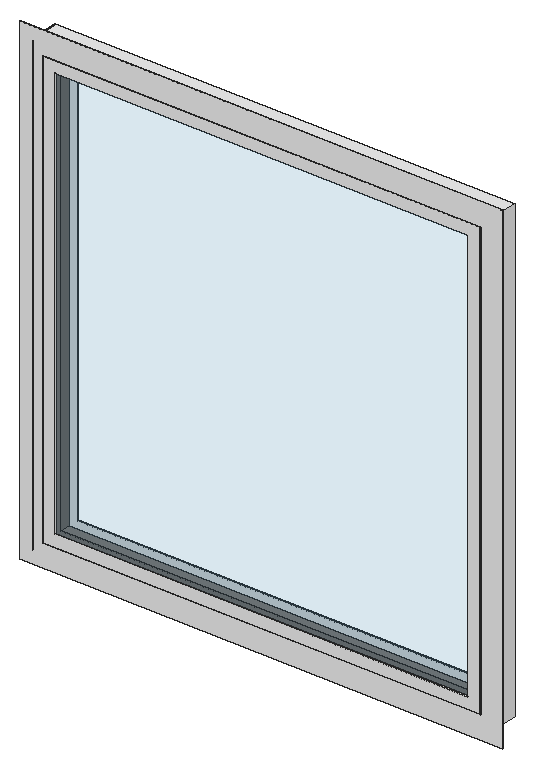
Revit family "Casement_38_E_Side_Hung_Standard", category Windows, host Wall, Revit 2014
Parameters (values of type "Casement_Sash_DG")
  Width Sash [instance] = 30 mm
  Width Sash Inner = 15 mm
  Width Bead = 15 mm
  Top Hung [instance] = yes
  Side Hung Right [instance] = yes
  Side Hung Left [instance] = yes
  Sash Opening Width [instance] = 600 mm
  Sash Opening Height [instance] = 600.312 mm
  Sash Lip = 15 mm
  Glazing Material [instance] = Glass
  DG Start Piece 2 [instance] = DG End Piece 1 + DG Gasket Thickness  # 25 mm
  DG Start Peice 1 [instance] = (Depth Sash - (2 * DG Glazing Thickness) - DG Gasket Thickness) / 2  # 6.6 mm
  Glazing Offset = 5 mm
  DG Glazing Thickness [instance] = 6.4 mm
  DG Gasket Thickness = 12 mm  # constant formula
  DG Gasket Material [instance] = Double Glazing Gasket Material
  DG End Piece 2 [instance] = DG Start Piece 2 + DG Glazing Thickness  # 31.4 mm
  DG End Piece 1 [instance] = DG Start Peice 1 + DG Glazing Thickness  # 13 mm
  Depth Sash [instance] = 38 mm
  Center Vertical Sash [instance] = Sash Opening Height / 2  # 300.156 mm
  Center Horizontal Sash [instance] = Sash Opening Width / 2  # 300 mm
  Bottom Hung [instance] = yes
  Bead Offset = 15 mm
  Aluminium Thickness = 1 mm
  Aluminium Material [instance] = White Powder Coated Aluminium
Reference planes
  plane 1 "Center (Front/Back)": y = 0
  plane 2: z = 0
  plane 3 "Center (Left/Right)": x = 0
Forms (mm)
  Sweep 1, solid, material "White Powder Coated Aluminium" <- "Aluminium Material"
    path origin (16.177, 0, 121.331) x (1, 0, 0) y (0, 0, 1)
      loop
        line (0, 0) -> (600, 0) -> (600, 600.312) -> (0, 600.312) -> (0, 0)
    profile origin (316.177, 0, 121.331) x (0, 0, 1) y (0, -1, 0)
      loop
        line (0, 0) -> (30, 0) -> (30, 1) -> (15, 1) -> (15, 38) -> (-15, 38) -> (-15, 37) -> (0, 37) -> (0, 0)
      loop
        line (14, 1) -> (14, 37) -> (1, 37) -> (1, 1) -> (14, 1)
  Sweep 2, solid, material "White Powder Coated Aluminium" <- "Aluminium Material"
    path origin (0, 0, 0) x (1, 0, 0) y (0, 0, 1)
      loop
        line (31.177, 706.643) -> (31.177, 136.331) -> (601.177, 136.331) -> (601.177, 706.643) -> (31.177, 706.643)
    profile origin (316.177, 0, 706.643) x (0, 0, 1) y (0, -1, 0)
      loop
        line (0, 37) -> (0, 38) -> (-15, 38) -> (-15, 37) -> (0, 37)
  Extrusion 3, solid, material "Glass" <- "Glazing Material"
    sketch origin (0, 0, 0) x (1, 0, 0) y (0, 0, 1)
      loop
        line (36.177, 701.643) -> (36.177, 141.331) -> (596.177, 141.331) -> (596.177, 701.643) -> (36.177, 701.643)
    from 6.6 <- "DG Start Peice 1" to 13 <- "DG End Piece 1"
  Extrusion 4, solid, material "Glass" <- "Glazing Material"
    sketch origin (0, 0, 0) x (1, 0, 0) y (0, 0, 1)
      loop
        line (36.177, 701.643) -> (36.177, 141.331) -> (596.177, 141.331) -> (596.177, 701.643) -> (36.177, 701.643)
    from 31.4 <- "DG End Piece 2" to 25 <- "DG Start Piece 2"
  Sweep 5, solid, material "Double Glazing Gasket Material" <- "DG Gasket Material"
    path origin (0, -13, 0) x (1, 0, 0) y (0, 0, 1)
      loop
        line (36.177, 701.643) -> (36.177, 141.331) -> (596.177, 141.331) -> (596.177, 701.643) -> (36.177, 701.643)
    profile origin (316.177, -13, 701.643) x (0, 0, 1) y (0, -1, 0)
      loop
        line (0, 0) -> (0, 12) -> (-7.96, 12) -> (-7.96, 0) -> (0, 0)
Lines and regions (mm)
  model lines
    curve 1: line (1.177, -38, 736.643) -> (31.177, -38, 706.643)
    curve 2: line (601.177, -38, 706.643) -> (631.177, -38, 736.643)
    curve 3: line (601.177, -38, 136.331) -> (631.177, -38, 106.331)
    curve 4: line (1.177, -38, 106.331) -> (31.177, -38, 136.331)
    curve 5: line (631.177, -37, 736.643) -> (616.177, -37, 721.643)
    curve 6: line (1.177, -37, 736.643) -> (16.177, -37, 721.643)
    curve 7: line (1.177, -37, 106.331) -> (16.177, -37, 121.331)
    curve 8: line (631.177, -37, 106.331) -> (616.177, -37, 121.331)
    curve 9: line (616.177, 0, 121.331) -> (586.177, 0, 151.331)
    curve 10: line (46.177, 0, 151.331) -> (16.177, 0, 121.331)
    curve 11: line (616.177, 0, 721.643) -> (586.177, 0, 691.643)
    curve 12: line (46.177, 0, 691.643) -> (16.177, 0, 721.643)
    curve 13: line (31.177, -38, 691.643) -> (46.177, -38, 691.643)
    curve 14: line (586.177, -38, 691.643) -> (601.177, -38, 691.643)
    curve 15: line (586.177, -38, 151.331) -> (601.177, -38, 151.331)
    curve 16: line (31.177, -38, 151.331) -> (46.177, -38, 151.331)
  model lines, style "GenericModelHiddenLines", visible <- "Top Hung"
    curve 17: line (46.386, -31.4, 690.914) -> (316.177, -31.4, 151.331)
    curve 18: line (316.177, -31.4, 151.331) -> (586.177, -31.4, 691.331)
  model lines, style "GenericModelHiddenLines", visible <- "Bottom Hung"
    curve 19: line (46.177, -31.4, 151.331) -> (316.177, -31.4, 691.331)
    curve 20: line (316.177, -31.4, 691.331) -> (586.177, -31.4, 151.331)
  model lines, style "GenericModelHiddenLines", visible <- "Side Hung Left"
    curve 21: line (46.386, -31.4, 690.914) -> (585.24, -31.4, 421.487)
    curve 22: line (585.24, -31.4, 421.487) -> (46.177, -31.4, 151.331)
  model lines, style "GenericModelHiddenLines", visible <- "Side Hung Right"
    curve 23: line (586.177, -31.4, 691.331) -> (46.177, -31.4, 421.487)
    curve 24: line (46.177, -31.4, 421.487) -> (586.177, -31.4, 151.331)
Dimensions and locks
  "Aluminium Thickness": Sweep 1 sketch curve to Sweep 1 sketch curve  (x4)
  "Depth Sash": Sweep 1 sketch curve to Sweep 1 sketch curve
  "Sash Opening Width": Sweep 1 to Sweep 1
  "Sash Opening Height": Sweep 1 to Sweep 1
  "Width Sash": Sweep 1 sketch curve to Sweep 1 sketch curve  (x2)
  "Width Sash Inner": Sweep 1 sketch curve to Sweep 1 sketch curve
  "Sash Lip": Sweep 1 sketch curve to Sweep 1 sketch curve
  "Aluminium Thickness": Sweep 1 to Sweep 2 sketch curve
  "Glazing Offset": Sweep 2 to Extrusion 3 sketch curve  (x3)
  "Glazing Offset": Extrusion 3 sketch curve to Sweep 2
  Sweep 1 to Sweep 1 = 1 mm
  "Aluminium Thickness": Sweep 2 sketch curve to Sweep 2 sketch curve
  "Width Bead": Sweep 2 sketch curve to Sweep 2 sketch curve
  locked: Sweep 5 sketch curve to Sweep 5 sketch curve at 7.96
  "Center Horizontal Sash": Sweep 1 to curve 18
  "Center Horizontal Sash": Sweep 1 to curve 20
  "Center Vertical Sash": Sweep 1 to curve 22
  "Center Vertical Sash": Sweep 1 to curve 24
  aligned and locked: level to plane 2
  aligned and locked: Sweep 1 sketch curve to Sweep 1 sketch curve  (x2)
  aligned and locked: Sweep 2 sketch curve to Sweep 1  (x5)
  aligned and locked: Extrusion 4 sketch curve to Extrusion 3  (x4)
  aligned and locked: Sweep 5 sketch curve to Extrusion 3  (x5)
  aligned and locked: Extrusion 3 to Sweep 5 sketch curve
Automatic sketch dimensions
  plane 3 "Center (Left/Right)" to Sweep 1 sketch curve = 16.177 mm
  level to Sweep 1 sketch curve = 121.331 mm
  plane 3 "Center (Left/Right)" to Sweep 1 sketch curve = 616.177 mm
  level to Sweep 1 sketch curve = 721.643 mm
  profile plane to Sweep 5 sketch curve = 12 mm
  curve 7 to Sweep 1 = 0 mm  (x4)
  curve 6 to Sweep 1 = 0 mm  (x3)
  Sweep 1 to curve 6 = 0 mm
  curve 5 to Sweep 1 = 0 mm  (x3)
  curve 8 to Sweep 1 = 0 mm  (x4)
  Sweep 1 to curve 5 = 0 mm
  curve 16 to Sweep 2 = 0 mm  (x3)
  curve 13 to Sweep 2 = 0 mm  (x3)
  curve 15 to Sweep 2 = 0 mm
  Sweep 2 to curve 15 = 0 mm  (x2)
  curve 14 to Sweep 2 = 0 mm  (x2)
  Sweep 2 to curve 14 = 0 mm
  curve 1 to Sweep 1 = 0 mm  (x4)
  curve 4 to Sweep 1 = 0 mm  (x3)
  Sweep 1 to curve 4 = 0 mm
  curve 3 to Sweep 1 = 0 mm  (x3)
  curve 2 to Sweep 1 = 0 mm  (x4)
  Sweep 1 to curve 3 = 0 mm
  curve 10 to Sweep 1 = 0 mm  (x4)
  curve 12 to Sweep 1 = 0 mm  (x3)
  Sweep 1 to curve 12 = 0 mm
  curve 9 to Sweep 1 = 0 mm  (x4)
  curve 11 to Sweep 1 = 0 mm  (x3)
  Sweep 1 to curve 11 = 0 mm
  Sweep 1 sketch curve to plane 1 "Center (Front/Back)" = 0 mm
  profile plane to Sweep 1 sketch curve = 0 mm
  curve 21 to Extrusion 4 = 10.208 mm
  curve 19 to Extrusion 4 = 10 mm
  curve 23 to Extrusion 4 = 10 mm  (x2)
  curve 22 to Extrusion 4 = 10.937 mm
  curve 20 to Extrusion 4 = 10 mm
  curve 24 to Extrusion 4 = 10 mm
  curve 22 to Extrusion 4 = 10 mm
  curve 18 to Extrusion 4 = 10 mm
  curve 21 to Extrusion 4 = 10.729 mm
  curve 19 to Extrusion 4 = 10.312 mm
  curve 18 to Extrusion 4 = 10.312 mm
Types in the file's own list only (18): name | Windload Design | Width Sash Opening | Width Sash | Width Profile | Width Fixed Pane RHS | Width Fixed Pane Bottom LHS | Width Panel 1 | Width | URL | Offset Window Exterior | Max System DG Unit Thickness | Max System DG One Piece Thickness | Max Pane Area | Limit Fixed Pane Width Min | Limit Fixed Pane Width Max | Limit Fixed Pane Height Min | Limit Fixed Pane Height Max | Intruderprufe U Value | Intruderprufe SHGC Value | Intruderprufe LowE U Value | Intruderprufe LowE SHGC Value | Intruderprufe Insulated U Value | Intruderprufe Insulated SHGC Value | Intruderprufe Insulated LowE U Value | Intruderprufe Insulated LowE SHGC Value | Height | Energy Advantage U Value | Energy Advantage SHGC Value | DG Thickness Calc | Custom Window Width | Custom Window Height | Window Exterior Offset | Custom Windload | Custom Sash Width | Custom Sash Height | Sash Spacing Inner | Sash Overlap | Sash Center Offset | SG Gasket Thickness | Offset Sash Left | Offset Sash Top | Offset Panel 4 Left | Offset Panel 3 Bead Top | Offset Mullion Left | Offset Transom Top | Offset Bead SG Center Reversed | Model | Manufacturer | Limit Window Width Min | Limit Window Width Max | Limit Window Height Min | Limit Window Height Max | Limit Sash Width Min | Limit Sash Width Max | Limit Sash Height Min | Limit Sash Height Max | Length Transom | Length Mullion | Height Sash Opening | Height Sash | Height Fixed Pane RHS | Height Fixed Pane Bottom LHS | Height Panel 1 | Description | Depth Mullion | Frame Center Offset | Depth Bead | Default Sill Height | Wall Closure | DG Gasket Finish | DG Extrusion Start | Mullion Depth Windload Based | Clearvue U Value | Clearvue SHGC Value | Clearvue Insulated U Value | Clearvue Insulated SHGC Value | Clearvue Insulated LowE U Value | Clearvue Insulated LowE SHGC Value | Casement Dimension | Bead SG Gap | Area Pane Right | Area Pane Left Top | Area Pane Left Bottom
  38-0915S-1000Pa | 1000 mm | 554 mm | 524 mm | 30 mm | 260 mm | 540 mm | 540 mm | 890 mm | "http://www.crealco.co.za/crealco-products.php" | 19 mm | 25 mm | 6 mm | 0.52 m² | 200 mm | 1500 mm | 200 mm | 1800 mm | 6.75 | 0.628 | 4.98 | 0.53 | 4.32 | 0.519 | 3.82 | 0.474 | 1490 mm | 5.11 | 0.576 | 4 mm | 890 mm | 1490 mm | 0 mm | 1000 mm | 554 mm | 1154 mm | 8 mm | 7 mm | 16 mm | 6 mm | 23 mm | 23 mm | 600 mm | 1200 mm | 570 mm | 1170 mm | 19 mm | "Casement 38" | "Crealco" | 830 mm | 2130 mm | 1430 mm | 1860 mm | 300 mm | 700 mm | 300 mm | 1500 mm | 540 mm | 1490 mm | 1154 mm | 1124 mm | 1430 mm | 260 mm | 1139 mm | "Window 38mm, Type E side hung" | 39 mm | 19 mm | 24 mm | 800 mm | By host | Double Glazing Gasket Material | 9 mm | 39 mm | 6.69 | 0.641 | 4.43 | 0.56 | 3.91 | 0.51 | 38 mm | 13 mm | 0.36 m² | 0.52 m² | 0.13 m²
  38-0915S-1500Pa | 1500 mm | 554 mm | 524 mm | 30 mm | 260 mm | 540 mm | 540 mm | 890 mm | "http://www.crealco.co.za/crealco-products.php" | 19 mm | 25 mm | 6 mm | 0.52 m² | 200 mm | 1500 mm | 200 mm | 1800 mm | 6.59 | 0.61 | 5.07 | 0.541 | 4.39 | 0.522 | 3.89 | 0.476 | 1490 mm | 5.2 | 0.574 | 4 mm | 890 mm | 1490 mm | 0 mm | 1500 mm | 554 mm | 1154 mm | 8 mm | 7 mm | 16 mm | 6 mm | 23 mm | 23 mm | 600 mm | 1200 mm | 570 mm | 1170 mm | 19 mm | "Casement 38" | "Crealco" | 830 mm | 2130 mm | 1430 mm | 1860 mm | 300 mm | 700 mm | 300 mm | 1500 mm | 540 mm | 1490 mm | 1154 mm | 1124 mm | 1430 mm | 260 mm | 1139 mm | "Window 38mm, Type E side hung" | 54 mm | 19 mm | 24 mm | 800 mm | By host | Double Glazing Gasket Material | 9 mm | 54 mm | 6.69 | 0.64 | 45 | 0.561 | 3.98 | 0.511 | 38 mm | 13 mm | 0.36 m² | 0.52 m² | 0.13 m²
  38-0915S-2000Pa | 2000 mm | 554 mm | 524 mm | 30 mm | 260 mm | 540 mm | 540 mm | 890 mm | "http://www.crealco.co.za/crealco-products.php" | 19 mm | 25 mm | 6 mm | 0.52 m² | 200 mm | 1500 mm | 200 mm | 1800 mm | 6.59 | 0.61 | 5.07 | 0.541 | 4.39 | 0.522 | 3.89 | 0.476 | 1490 mm | 5.2 | 0.574 | 4 mm | 890 mm | 1490 mm | 0 mm | 2000 mm | 554 mm | 1154 mm | 8 mm | 7 mm | 16 mm | 6 mm | 23 mm | 23 mm | 600 mm | 1200 mm | 570 mm | 1170 mm | 19 mm | "Casement 38" | "Crealco" | 830 mm | 2130 mm | 1430 mm | 1860 mm | 300 mm | 700 mm | 300 mm | 1500 mm | 540 mm | 1490 mm | 1154 mm | 1124 mm | 1430 mm | 260 mm | 1139 mm | "Window 38mm, Type E side hung" | 54 mm | 19 mm | 24 mm | 800 mm | By host | Double Glazing Gasket Material | 9 mm | 54 mm | 6.69 | 0.64 | 45 | 0.561 | 3.98 | 0.511 | 38 mm | 13 mm | 0.36 m² | 0.52 m² | 0.13 m²
  38-1215S-1000Pa | 1000 mm | 554 mm | 524 mm | 30 mm | 560 mm | 540 mm | 540 mm | 1190 mm | "http://www.crealco.co.za/crealco-products.php" | 19 mm | 25 mm | 6 mm | 0.78 m² | 200 mm | 1500 mm | 200 mm | 1800 mm | 6.73 | 0.698 | 4.94 | 0.604 | 4.18 | 0.585 | 3.59 | 0.532 | 1490 mm | 5.06 | 0.647 | 4 mm | 1190 mm | 1490 mm | 0 mm | 1000 mm | 554 mm | 1154 mm | 8 mm | 7 mm | 16 mm | 6 mm | 23 mm | 23 mm | 600 mm | 1200 mm | 570 mm | 1170 mm | 19 mm | "Casement 38" | "Crealco" | 830 mm | 2130 mm | 1430 mm | 1860 mm | 300 mm | 700 mm | 300 mm | 1500 mm | 540 mm | 1490 mm | 1154 mm | 1124 mm | 1430 mm | 260 mm | 1139 mm | "Window 38mm, Type E side hung" | 39 mm | 19 mm | 24 mm | 800 mm | By host | Double Glazing Gasket Material | 9 mm | 39 mm | 6.86 | 0.722 | 4.28 | 0.632 | 3.67 | 0.575 | 38 mm | 13 mm | 0.78 m² | 0.52 m² | 0.13 m²
  38-1215S-1500Pa | 1500 mm | 554 mm | 524 mm | 30 mm | 560 mm | 540 mm | 540 mm | 1190 mm | "http://www.crealco.co.za/crealco-products.php" | 19 mm | 25 mm | 6 mm | 0.78 m² | 200 mm | 1500 mm | 200 mm | 1800 mm | 6.75 | 0.685 | 5.01 | 0.606 | 4.23 | 0.587 | 3.65 | 0.534 | 1490 mm | 5.13 | 0.645 | 4 mm | 1190 mm | 1490 mm | 0 mm | 1500 mm | 554 mm | 1154 mm | 8 mm | 7 mm | 16 mm | 6 mm | 23 mm | 23 mm | 600 mm | 1200 mm | 570 mm | 1170 mm | 19 mm | "Casement 38" | "Crealco" | 830 mm | 2130 mm | 1430 mm | 1860 mm | 300 mm | 700 mm | 300 mm | 1500 mm | 540 mm | 1490 mm | 1154 mm | 1124 mm | 1430 mm | 260 mm | 1139 mm | "Window 38mm, Type E side hung" | 54 mm | 19 mm | 24 mm | 800 mm | By host | Double Glazing Gasket Material | 9 mm | 54 mm | 6.85 | 0.721 | 4.34 | 0.632 | 3.75 | 0.575 | 38 mm | 13 mm | 0.78 m² | 0.52 m² | 0.13 m²
  38-1215S-2000Pa | 2000 mm | 554 mm | 524 mm | 30 mm | 560 mm | 540 mm | 540 mm | 1190 mm | "http://www.crealco.co.za/crealco-products.php" | 19 mm | 25 mm | 6 mm | 0.78 m² | 200 mm | 1500 mm | 200 mm | 1800 mm | 6.75 | 0.685 | 5.01 | 0.606 | 4.23 | 0.587 | 3.65 | 0.534 | 1490 mm | 5.13 | 0.645 | 4 mm | 1190 mm | 1490 mm | 0 mm | 2000 mm | 554 mm | 1154 mm | 8 mm | 7 mm | 16 mm | 6 mm | 23 mm | 23 mm | 600 mm | 1200 mm | 570 mm | 1170 mm | 19 mm | "Casement 38" | "Crealco" | 830 mm | 2130 mm | 1430 mm | 1860 mm | 300 mm | 700 mm | 300 mm | 1500 mm | 540 mm | 1490 mm | 1154 mm | 1124 mm | 1430 mm | 260 mm | 1139 mm | "Window 38mm, Type E side hung" | 54 mm | 19 mm | 24 mm | 800 mm | By host | Double Glazing Gasket Material | 9 mm | 54 mm | 6.85 | 0.721 | 4.34 | 0.632 | 3.75 | 0.575 | 38 mm | 13 mm | 0.78 m² | 0.52 m² | 0.13 m²
  38-1515S-1000Pa | 1000 mm | 554 mm | 524 mm | 30 mm | 860 mm | 540 mm | 540 mm | 1490 mm | "http://www.crealco.co.za/crealco-products.php" | 19 mm | 25 mm | 6 mm | 1.21 m² | 200 mm | 1500 mm | 200 mm | 1800 mm | 6.83 | 0.743 | 4.91 | 0.646 | 4.09 | 0.626 | 3.44 | 0.569 | 1490 mm | 5.03 | 0.692 | 4 mm | 1490 mm | 1490 mm | 0 mm | 1000 mm | 554 mm | 1154 mm | 8 mm | 7 mm | 16 mm | 6 mm | 23 mm | 23 mm | 600 mm | 1200 mm | 570 mm | 1170 mm | 19 mm | "Casement 38" | "Crealco" | 830 mm | 2130 mm | 1430 mm | 1860 mm | 300 mm | 700 mm | 300 mm | 1500 mm | 540 mm | 1490 mm | 1154 mm | 1124 mm | 1430 mm | 260 mm | 1139 mm | "Window 38mm, Type E side hung" | 39 mm | 19 mm | 24 mm | 800 mm | By host | Double Glazing Gasket Material | 9 mm | 39 mm | 6.96 | 0.772 | 4.19 | 0.677 | 3.51 | 0.616 | 38 mm | 13 mm | 1.21 m² | 0.52 m² | 0.13 m²
  38-1515S-1500Pa | 1500 mm | 554 mm | 524 mm | 30 mm | 860 mm | 540 mm | 540 mm | 1490 mm | "http://www.crealco.co.za/crealco-products.php" | 19 mm | 25 mm | 6 mm | 1.21 m² | 200 mm | 1500 mm | 200 mm | 1800 mm | 6.84 | 0.732 | 4.97 | 0.647 | 4.13 | 0.629 | 3.49 | 0.57 | 1490 mm | 5.09 | 0.691 | 4 mm | 1490 mm | 1490 mm | 0 mm | 1500 mm | 554 mm | 1154 mm | 8 mm | 7 mm | 16 mm | 6 mm | 23 mm | 23 mm | 600 mm | 1200 mm | 570 mm | 1170 mm | 19 mm | "Casement 38" | "Crealco" | 830 mm | 2130 mm | 1430 mm | 1860 mm | 300 mm | 700 mm | 300 mm | 1500 mm | 540 mm | 1490 mm | 1154 mm | 1124 mm | 1430 mm | 260 mm | 1139 mm | "Window 38mm, Type E side hung" | 54 mm | 19 mm | 24 mm | 800 mm | By host | Double Glazing Gasket Material | 9 mm | 54 mm | 6.69 | 0.772 | 4.23 | 0.677 | 3.56 | 0.616 | 38 mm | 13 mm | 1.21 m² | 0.52 m² | 0.13 m²
  38-1515S-2000Pa | 2000 mm | 554 mm | 524 mm | 30 mm | 860 mm | 540 mm | 540 mm | 1490 mm | "http://www.crealco.co.za/crealco-products.php" | 19 mm | 25 mm | 6 mm | 1.21 m² | 200 mm | 1500 mm | 200 mm | 1800 mm | 6.84 | 0.732 | 4.97 | 0.647 | 4.13 | 0.629 | 3.49 | 0.57 | 1490 mm | 5.09 | 0.691 | 4 mm | 1490 mm | 1490 mm | 0 mm | 2000 mm | 554 mm | 1154 mm | 8 mm | 7 mm | 16 mm | 6 mm | 23 mm | 23 mm | 600 mm | 1200 mm | 570 mm | 1170 mm | 19 mm | "Casement 38" | "Crealco" | 830 mm | 2130 mm | 1430 mm | 1860 mm | 300 mm | 700 mm | 300 mm | 1500 mm | 540 mm | 1490 mm | 1154 mm | 1124 mm | 1430 mm | 260 mm | 1139 mm | "Window 38mm, Type E side hung" | 54 mm | 19 mm | 24 mm | 800 mm | By host | Double Glazing Gasket Material | 9 mm | 54 mm | 6.69 | 0.772 | 4.23 | 0.677 | 3.56 | 0.616 | 38 mm | 13 mm | 1.21 m² | 0.52 m² | 0.13 m²
  38-0918S-1000Pa | 1000 mm | 554 mm | 524 mm | 30 mm | 260 mm | 540 mm | 540 mm | 890 mm | "http://www.crealco.co.za/crealco-products.php" | 19 mm | 25 mm | 6 mm | 0.52 m² | 200 mm | 1500 mm | 200 mm | 1800 mm | 6.9 | 0.655 | 5.25 | 0.581 | 4.52 | 0.562 | 3.98 | 0.512 | 1790 mm | 5.38 | 0.617 | 4 mm | 890 mm | 1790 mm | 0 mm | 1000 mm | 554 mm | 1154 mm | 8 mm | 7 mm | 16 mm | 6 mm | 23 mm | 23 mm | 600 mm | 1200 mm | 570 mm | 1170 mm | 19 mm | "Casement 38" | "Crealco" | 830 mm | 2130 mm | 1430 mm | 1860 mm | 300 mm | 700 mm | 300 mm | 1500 mm | 540 mm | 1790 mm | 1154 mm | 1124 mm | 1730 mm | 560 mm | 1139 mm | "Window 38mm, Type E side hung" | 54 mm | 19 mm | 24 mm | 800 mm | By host | Double Glazing Gasket Material | 9 mm | 54 mm | 7 | 0.688 | 4.64 | 0.604 | 4.07 | 0.55 | 38 mm | 13 mm | 0.43 m² | 0.52 m² | 0.29 m²
  38-0918S-1500Pa | 1500 mm | 554 mm | 524 mm | 30 mm | 260 mm | 540 mm | 540 mm | 890 mm | "http://www.crealco.co.za/crealco-products.php" | 19 mm | 25 mm | 6 mm | 0.52 m² | 200 mm | 1500 mm | 200 mm | 1800 mm | 6.9 | 0.655 | 5.25 | 0.581 | 4.52 | 0.562 | 3.98 | 0.512 | 1790 mm | 5.38 | 0.617 | 4 mm | 890 mm | 1790 mm | 0 mm | 1500 mm | 554 mm | 1154 mm | 8 mm | 7 mm | 16 mm | 6 mm | 23 mm | 23 mm | 600 mm | 1200 mm | 570 mm | 1170 mm | 19 mm | "Casement 38" | "Crealco" | 830 mm | 2130 mm | 1430 mm | 1860 mm | 300 mm | 700 mm | 300 mm | 1500 mm | 540 mm | 1790 mm | 1154 mm | 1124 mm | 1730 mm | 560 mm | 1139 mm | "Window 38mm, Type E side hung" | 54 mm | 19 mm | 24 mm | 800 mm | By host | Double Glazing Gasket Material | 9 mm | 54 mm | 7 | 0.688 | 4.64 | 0.604 | 4.07 | 0.55 | 38 mm | 13 mm | 0.43 m² | 0.52 m² | 0.29 m²
  38-0918S-2000Pa | 2000 mm | 554 mm | 524 mm | 30 mm | 260 mm | 540 mm | 540 mm | 890 mm | "http://www.crealco.co.za/crealco-products.php" | 19 mm | 25 mm | 6 mm | 0.52 m² | 200 mm | 1500 mm | 200 mm | 1800 mm | 6.92 | 0.64 | 5.41 | 0.581 | 4.64 | 0.562 | 4.1 | 0.513 | 1790 mm | 5.54 | 0.619 | 4 mm | 890 mm | 1790 mm | 0 mm | 2000 mm | 554 mm | 1154 mm | 8 mm | 7 mm | 16 mm | 6 mm | 23 mm | 23 mm | 600 mm | 1200 mm | 570 mm | 1170 mm | 19 mm | "Casement 38" | "Crealco" | 830 mm | 2130 mm | 1430 mm | 1860 mm | 300 mm | 700 mm | 300 mm | 1500 mm | 540 mm | 1790 mm | 1154 mm | 1124 mm | 1730 mm | 560 mm | 1139 mm | "Window 38mm, Type E side hung" | 70 mm | 19 mm | 24 mm | 800 mm | By host | Double Glazing Gasket Material | 9 mm | 70 mm | 6.9 | 0.688 | 4.76 | 0.606 | 4.2 | 0.552 | 38 mm | 13 mm | 0.43 m² | 0.52 m² | 0.29 m²
  38-1218S-1000Pa | 1000 mm | 554 mm | 524 mm | 30 mm | 560 mm | 540 mm | 540 mm | 1190 mm | "http://www.crealco.co.za/crealco-products.php" | 19 mm | 25 mm | 6 mm | 0.95 m² | 200 mm | 1500 mm | 200 mm | 1800 mm | 7.27 | 0.754 | 5.34 | 0.667 | 4.49 | 0.647 | 3.84 | 0.588 | 1790 mm | 5.47 | 0.711 | 4 mm | 1190 mm | 1790 mm | 0 mm | 1000 mm | 554 mm | 1154 mm | 8 mm | 7 mm | 16 mm | 6 mm | 23 mm | 23 mm | 600 mm | 1200 mm | 570 mm | 1170 mm | 19 mm | "Casement 38" | "Crealco" | 830 mm | 2130 mm | 1430 mm | 1860 mm | 300 mm | 700 mm | 300 mm | 1500 mm | 540 mm | 1790 mm | 1154 mm | 1124 mm | 1730 mm | 560 mm | 1139 mm | "Window 38mm, Type E side hung" | 54 mm | 19 mm | 24 mm | 800 mm | By host | Double Glazing Gasket Material | 9 mm | 54 mm | 7.39 | 0.795 | 4.6 | 0.697 | 3.92 | 0.634 | 38 mm | 13 mm | 0.95 m² | 0.52 m² | 0.29 m²
  38-1218S-1500Pa | 1500 mm | 554 mm | 524 mm | 30 mm | 560 mm | 540 mm | 540 mm | 1190 mm | "http://www.crealco.co.za/crealco-products.php" | 19 mm | 25 mm | 6 mm | 0.95 m² | 200 mm | 1500 mm | 200 mm | 1800 mm | 7.28 | 0.741 | 5.47 | 0.668 | 4.58 | 0.648 | 3.93 | 0.589 | 1790 mm | 5.6 | 0.713 | 4 mm | 1190 mm | 1790 mm | 0 mm | 1500 mm | 554 mm | 1154 mm | 8 mm | 7 mm | 16 mm | 6 mm | 23 mm | 23 mm | 600 mm | 1200 mm | 570 mm | 1170 mm | 19 mm | "Casement 38" | "Crealco" | 830 mm | 2130 mm | 1430 mm | 1860 mm | 300 mm | 700 mm | 300 mm | 1500 mm | 540 mm | 1790 mm | 1154 mm | 1124 mm | 1730 mm | 560 mm | 1139 mm | "Window 38mm, Type E side hung" | 70 mm | 19 mm | 24 mm | 800 mm | By host | Double Glazing Gasket Material | 9 mm | 70 mm | 7.3 | 0.794 | 4.7 | 0.699 | 4.02 | 0.636 | 38 mm | 13 mm | 0.95 m² | 0.52 m² | 0.29 m²
  38-1218S-2000Pa | 2000 mm | 554 mm | 524 mm | 30 mm | 560 mm | 540 mm | 540 mm | 1190 mm | "http://www.crealco.co.za/crealco-products.php" | 19 mm | 25 mm | 6 mm | 0.95 m² | 200 mm | 1500 mm | 200 mm | 1800 mm | 7.28 | 0.741 | 5.47 | 0.668 | 4.58 | 0.648 | 3.93 | 0.589 | 1790 mm | 5.6 | 0.713 | 4 mm | 1190 mm | 1790 mm | 0 mm | 2000 mm | 554 mm | 1154 mm | 8 mm | 7 mm | 16 mm | 6 mm | 23 mm | 23 mm | 600 mm | 1200 mm | 570 mm | 1170 mm | 19 mm | "Casement 38" | "Crealco" | 830 mm | 2130 mm | 1430 mm | 1860 mm | 300 mm | 700 mm | 300 mm | 1500 mm | 540 mm | 1790 mm | 1154 mm | 1124 mm | 1730 mm | 560 mm | 1139 mm | "Window 38mm, Type E side hung" | 70 mm | 19 mm | 24 mm | 800 mm | By host | Double Glazing Gasket Material | 9 mm | 70 mm | 7.3 | 0.794 | 4.7 | 0.699 | 4.02 | 0.636 | 38 mm | 13 mm | 0.95 m² | 0.52 m² | 0.29 m²
  38-1518S-1000Pa | 1000 mm | 554 mm | 524 mm | 30 mm | 860 mm | 540 mm | 540 mm | 1490 mm | "http://www.crealco.co.za/crealco-products.php" | 19 mm | 25 mm | 6 mm | 1.46 m² | 200 mm | 1500 mm | 200 mm | 1800 mm | 7.51 | 0.819 | 5.4 | 0.725 | 4.47 | 0.704 | 3.74 | 0.639 | 1790 mm | 7.9 | 0 | 4 mm | 1490 mm | 1790 mm | 0 mm | 1000 mm | 554 mm | 1154 mm | 8 mm | 7 mm | 16 mm | 6 mm | 23 mm | 23 mm | 600 mm | 1200 mm | 570 mm | 1170 mm | 19 mm | "Casement 38" | "Crealco" | 830 mm | 2130 mm | 1430 mm | 1860 mm | 300 mm | 700 mm | 300 mm | 1500 mm | 540 mm | 1790 mm | 1154 mm | 1124 mm | 1730 mm | 560 mm | 1139 mm | "Window 38mm, Type E side hung" | 54 mm | 19 mm | 24 mm | 800 mm | By host | Double Glazing Gasket Material | 9 mm | 54 mm | 7.9 | 0 | 4.58 | 0.759 | 3.82 | 0.691 | 38 mm | 13 mm | 1.46 m² | 0.52 m² | 0.29 m²
  38-1518S-1500Pa | 1500 mm | 554 mm | 524 mm | 30 mm | 860 mm | 540 mm | 540 mm | 1490 mm | "http://www.crealco.co.za/crealco-products.php" | 19 mm | 25 mm | 6 mm | 1.46 m² | 200 mm | 1500 mm | 200 mm | 1800 mm | 7.52 | 0.809 | 5.51 | 0.725 | 4.55 | 0.705 | 3.82 | 0.639 | 1790 mm | 7.9 | 0 | 4 mm | 1490 mm | 1790 mm | 0 mm | 1500 mm | 554 mm | 1154 mm | 8 mm | 7 mm | 16 mm | 6 mm | 23 mm | 23 mm | 600 mm | 1200 mm | 570 mm | 1170 mm | 19 mm | "Casement 38" | "Crealco" | 830 mm | 2130 mm | 1430 mm | 1860 mm | 300 mm | 700 mm | 300 mm | 1500 mm | 540 mm | 1790 mm | 1154 mm | 1124 mm | 1730 mm | 560 mm | 1139 mm | "Window 38mm, Type E side hung" | 70 mm | 19 mm | 24 mm | 800 mm | By host | Double Glazing Gasket Material | 9 mm | 70 mm | 7.9 | 0 | 4.66 | 0.761 | 3.9 | 0.692 | 38 mm | 13 mm | 1.46 m² | 0.52 m² | 0.29 m²
  38-1518S-2000Pa | 2000 mm | 554 mm | 524 mm | 30 mm | 860 mm | 540 mm | 540 mm | 1490 mm | "http://www.crealco.co.za/crealco-products.php" | 19 mm | 25 mm | 6 mm | 1.46 m² | 200 mm | 1500 mm | 200 mm | 1800 mm | 7.52 | 0.809 | 5.51 | 0.725 | 4.55 | 0.705 | 3.82 | 0.639 | 1790 mm | 7.9 | 0 | 4 mm | 1490 mm | 1790 mm | 0 mm | 2000 mm | 554 mm | 1154 mm | 8 mm | 7 mm | 16 mm | 6 mm | 23 mm | 23 mm | 600 mm | 1200 mm | 570 mm | 1170 mm | 19 mm | "Casement 38" | "Crealco" | 830 mm | 2130 mm | 1430 mm | 1860 mm | 300 mm | 700 mm | 300 mm | 1500 mm | 540 mm | 1790 mm | 1154 mm | 1124 mm | 1730 mm | 560 mm | 1139 mm | "Window 38mm, Type E side hung" | 70 mm | 19 mm | 24 mm | 800 mm | By host | Double Glazing Gasket Material | 9 mm | 70 mm | 7.9 | 0 | 4.66 | 0.761 | 3.9 | 0.692 | 38 mm | 13 mm | 1.46 m² | 0.52 m² | 0.29 m²
